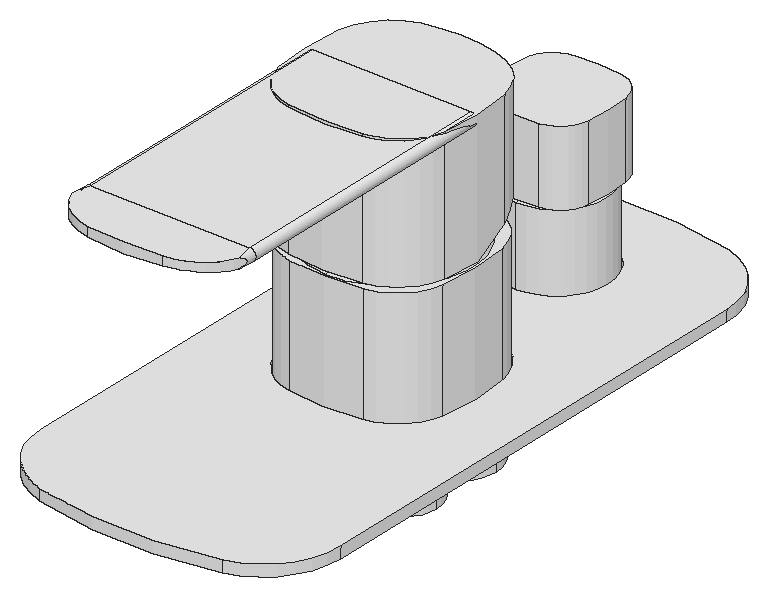
Revit family "Mixer-Bath Shower-Caroma Contura with Diverter1", category Plumbing Fixtures, host Face, Revit 2014
Parameters (values of type "Standard")
  Width_ANZRS = 72 mm  # constant formula
  Waste Connection = no
  WELSRating_ANZRS = ""
  Vent Connection = no
  URL = "http://specify.caroma.com.au"
  Type Comments = "Caroma Contura Bath/Shower Mixer with Diverter"  # constant formula
  ModifiedIssue_ANZRS = 20151016.01  # constant formula
  Model = "99586C"  # constant formula
  Material_ANZRS = Metal-Chrome-Caroma
  Manufacturer = "GWA Bathrooms & Kitchens"  # constant formula
  Length_ANZRS = 80 mm  # constant formula
  Height_ANZRS = 175 mm  # constant formula
  HWFU = 3
  HW Connection = yes
  Description = ""
  Default Elevation = 1000 mm
  CreatedBy_ANZRS = "Design Content"  # constant formula
  CreatedByURL_ANZRS = "http://www.designcontent.com.au"
  Cost = 0
  Connector Radius = 10 mm
  CWFU = 3
  CW Connection = yes
  Assembly Code = "C1030210"
Reference planes
  plane 1 "Center (Front/Back)": y = 0
  plane 2: z = 0
  plane 3 "Center (Left/Right)": x = 0
  plane 4 "Left": x = -40
  plane 5 "Right": x = 40
  plane 6 "Top": y = 85.003
  plane 7 "Bottom": y = -89.997
Forms (mm)
  Extrusion 1, solid, material "Metal-Chrome-Caroma" <- "Material_ANZRS"
    sketch origin (17.071, -2.929, 0) x (1, 0, 0) y (0, 1, 0)
      loop
        circle (-7.071, -7.071) r 10
    from -20 to 0
  Extrusion 2, solid, material "Metal-Chrome-Caroma" <- "Material_ANZRS"
    sketch origin (-17.071, -17.071, 0) x (-1, 0, 0) y (0, -1, 0)
      loop
        circle (-7.071, -7.071) r 10
    from -20 to 0
  Extrusion 3, solid, material "Metal-Chrome-Caroma" <- "Material_ANZRS"
    sketch origin (-17.071, 2.929, 0) x (-1, 0, 0) y (0, -1, 0)
      loop
        circle (-7.071, -7.071) r 10
    from -20 to 0
  Extrusion 4, solid, material "Metal-Chrome-Caroma" <- "Material_ANZRS"
    sketch origin (2.929, 2.929, 0) x (-1, 0, 0) y (0, -1, 0)
      loop
        circle (-7.071, -7.071) r 10
    from -20 to 0
  Revolve 5, solid, material "Metal-Chrome-Caroma" <- "Material_ANZRS"
    sketch origin (0, 0, 0) x (0, 1, 0) y (0, 0, 1)
      loop
        line (16.053, 45.11) -> (0, 45.11) -> (0, 34.03) -> (21.63, 34.03)
        arc (21.63, 34.03) -> (19.155, 39.728) -> (16.053, 45.11) r 54.999
      axis (0, 45.11) -> (0, 34.03)
    angle from 0 to 360
  Extrusion 6, solid, material "Metal-Chrome-Caroma" <- "Material_ANZRS"
    sketch origin (0, 0, 0) x (1, 0, 0) y (0, 1, 0)
      loop
        arc (-40, -66.916) -> (-35.625, -79.64) -> (-24.351, -86.984) r 20.693
        arc (-24.351, -86.984) -> (0, -89.997) -> (24.351, -86.984) r 99.908
        arc (24.351, -86.984) -> (35.625, -79.64) -> (40, -66.916) r 20.693
        line (40, -66.916) -> (40, 61.921)
        arc (40, 61.921) -> (35.625, 74.646) -> (24.351, 81.99) r 20.693
        arc (24.351, 81.99) -> (0, 85.003) -> (-24.351, 81.99) r 99.908
        arc (-24.351, 81.99) -> (-35.625, 74.646) -> (-40, 61.921) r 20.693
        line (-40, 61.921) -> (-40, -66.916)
      loop
        arc (-22.136, 9.962) -> (-23, 0) -> (-22.136, -9.962) r 57.891
        arc (-22.136, -9.962) -> (-17.939, -18.015) -> (-9.865, -22.171) r 15
        arc (-9.865, -22.171) -> (0, -23) -> (9.865, -22.171) r 59.077
        arc (9.865, -22.171) -> (17.939, -18.015) -> (22.136, -9.962) r 15
        arc (22.136, -9.962) -> (23, 0) -> (22.136, 9.962) r 57.891
        arc (22.136, 9.962) -> (17.939, 18.015) -> (9.865, 22.171) r 15
        arc (9.865, 22.171) -> (0, 23) -> (-9.865, 22.171) r 59.077
        arc (-9.865, 22.171) -> (-17.939, 18.015) -> (-22.136, 9.962) r 15
      loop
        circle (0, 55) r 13.962
    from 0 to 3
  Revolve 7, solid, material "Metal-Chrome-Caroma" <- "Material_ANZRS", detail levels fine
    sketch origin (0, 0, 0) x (0, 1, 0) y (0, 0, 1)
      loop
        line (23.752, 57.199) -> (22.871, 57.199) -> (22.871, 53.73) -> (24.656, 53.73)
        arc (24.656, 53.73) -> (24.426, 55.522) -> (23.752, 57.199) r 7.111
      axis (24.656, 53.73) -> (22.871, 53.73)
    angle from 0 to 360
  Extrusion 8, solid, material "Metal-Chrome-Caroma" <- "Material_ANZRS"
    sketch origin (0, 0, 0) x (1, 0, 0) y (0, 1, 0)
      loop
        arc (-21.644, 9.876) -> (-22.5, 0) -> (-21.644, -9.876) r 57.391
        arc (-21.644, -9.876) -> (-17.587, -17.661) -> (-9.781, -21.678) r 14.5
        arc (-9.781, -21.678) -> (0, -22.5) -> (9.781, -21.678) r 58.577
        arc (9.781, -21.678) -> (17.587, -17.661) -> (21.644, -9.876) r 14.5
        arc (21.644, -9.876) -> (22.5, 0) -> (21.644, 9.876) r 57.391
        arc (21.644, 9.876) -> (17.587, 17.661) -> (9.781, 21.678) r 14.5
        arc (9.781, 21.678) -> (0, 22.5) -> (-9.781, 21.678) r 58.577
        arc (-9.781, 21.678) -> (-17.587, 17.661) -> (-21.644, 9.876) r 14.5
    from 0 to 34.03
  Extrusion 9, solid, material "Metal-Chrome-Caroma" <- "Material_ANZRS"
    sketch origin (0, 0, 0) x (1, 0, 0) y (0, 1, 0)
      loop
        arc (-22.136, 9.962) -> (-23, 0) -> (-22.136, -9.962) r 57.891
        arc (-22.136, -9.962) -> (-17.939, -18.015) -> (-9.865, -22.171) r 15
        arc (-9.865, -22.171) -> (0, -23) -> (9.865, -22.171) r 59.077
        arc (9.865, -22.171) -> (17.939, -18.015) -> (22.136, -9.962) r 15
        arc (22.136, -9.962) -> (23, 0) -> (22.136, 9.962) r 57.891
        arc (22.136, 9.962) -> (17.939, 18.015) -> (9.865, 22.171) r 15
        arc (9.865, 22.171) -> (0, 23) -> (-9.865, 22.171) r 59.077
        arc (-9.865, 22.171) -> (-17.939, 18.015) -> (-22.136, 9.962) r 15
    from 35.73 to 71.728
  Extrusion 10, void
    sketch origin (0, 0, 0) x (0, 1, 0) y (0, 0, 1)
      loop
        line (-2.049, 34.775) -> (25.132, 34.775) -> (25.132, 47.448) -> (-2.049, 34.775)
    from -50 to 50
  Revolve 11, solid, material "Metal-Chrome-Caroma" <- "Material_ANZRS"
    sketch origin (0, 0, 0) x (0, 1, 0) y (0, 0, 1)
      loop
        line (55, 0) -> (68.5, 0) -> (68.5, 23.5) -> (66.5, 23.5) -> (66.5, 24.7) -> (55, 24.7) -> (55, 0)
      axis (55, 0) -> (55, 24.7)
    angle from 0 to 360
  Extrusion 12, solid, material "Metal-Chrome-Caroma" <- "Material_ANZRS"
    sketch origin (0, 0, 0) x (1, 0, 0) y (0, 1, 0)
      loop
        arc (-13.62, 61.105) -> (-13.962, 55) -> (-13.62, 48.895) r 54.734
        arc (-13.62, 48.895) -> (-11.178, 43.822) -> (-6.105, 41.38) r 8.519
        arc (-6.105, 41.38) -> (0, 41.038) -> (6.105, 41.38) r 54.734
        arc (6.105, 41.38) -> (11.178, 43.822) -> (13.62, 48.895) r 8.519
        arc (13.62, 48.895) -> (13.962, 55) -> (13.62, 61.105) r 54.734
        arc (13.62, 61.105) -> (11.178, 66.178) -> (6.105, 68.62) r 8.519
        arc (6.105, 68.62) -> (0, 68.962) -> (-6.105, 68.62) r 54.734
        arc (-6.105, 68.62) -> (-11.178, 66.178) -> (-13.62, 61.105) r 8.519
    from 24.7 to 44.7
  Sweep 13, solid, material "Metal-Chrome-Caroma" <- "Material_ANZRS"
    path origin (0, 0, 0) x (0, 1, 0) y (0, 0, 1)
      loop
        line (0, 64.73) -> (-74.001, 64.73)
        arc (-74.001, 64.73) -> (-84.022, 66.331) -> (-93.045, 70.976) r 32.157
    profile origin (0, -74.001, 64.73) x (0, 0, -1) y (1, 0, 0)
      loop
        arc (-2.892, -21.508) -> (0, 0) -> (-2.892, 21.508) r 81.419
        arc (-2.892, 21.508) -> (-4.697, 22.75) -> (-6.227, 21.182) r 1.7
        arc (-6.227, 21.182) -> (-6.998, 0) -> (-6.227, -21.182) r 291.282
        arc (-6.227, -21.182) -> (-4.697, -22.75) -> (-2.892, -21.508) r 1.7
  Extrusion 14, void
    sketch origin (0, 0, 0) x (1, 0, 0) y (0, 0, 1)
      loop
        arc (-26.43, 70.527) -> (0, 71.728) -> (26.43, 70.527) r 291.282
        line (26.43, 70.527) -> (26.43, 78.734) -> (-26.43, 78.734) -> (-26.43, 70.527)
    from 95.997 to -28.878
  Extrusion 15, void
    sketch origin (0, 0, 0) x (1, 0, 0) y (0, 1, 0)
      loop
        arc (-10.009, -88.858) -> (-19.272, -83.893) -> (-22.999, -74.065) r 14.99
        line (-22.999, -74.065) -> (-27.999, -74.065) -> (-27.999, -95.512) -> (27.999, -95.512) -> (27.999, -74.065) -> (22.999, -74.065)
        arc (22.999, -74.065) -> (19.272, -83.893) -> (10.009, -88.858) r 14.99
        arc (10.009, -88.858) -> (0, -89.529) -> (-10.009, -88.858) r 75.017
    from 50 to 80
Cuts and joins
  Extrusion 10, Extrusion 14 cuts Extrusion 9
  joined: Revolve 5, Extrusion 6, Extrusion 8, Extrusion 9
  Extrusion 14, Extrusion 15 cuts Sweep 13
  joined: Revolve 11, Extrusion 12
Lines and regions (mm)
  Masking region 1
    outline origin (0, 0, 0) x (1, 0, 0) y (0, 1, 0)
      loop
        arc (-40, -66.916) -> (-35.625, -79.64) -> (-24.351, -86.984) r 20.693
        arc (-24.351, -86.984) -> (0, -89.997) -> (24.351, -86.984) r 99.908
        arc (24.351, -86.984) -> (35.625, -79.64) -> (40, -66.916) r 20.693
        line (40, -66.916) -> (40, 61.921)
        arc (40, 61.921) -> (35.625, 74.646) -> (24.351, 81.99) r 20.693
        arc (24.351, 81.99) -> (0, 85.003) -> (-24.351, 81.99) r 99.908
        arc (-24.351, 81.99) -> (-35.625, 74.646) -> (-40, 61.921) r 20.693
        line (-40, 61.921) -> (-40, -66.916)
  Masking region 2
    outline origin (0, 0, 0) x (0, 1, 0) y (0, 0, 1)
      loop
        line (85.003, 0) -> (85.003, 3) -> (68.5, 3) -> (68.5, 23.5) -> (66.5, 23.5) -> (66.5, 24.7) -> (68.962, 24.7) -> (68.962, 44.7) -> (41.038, 44.7) -> (41.038, 24.7) -> (43.5, 24.7) -> (43.5, 23.5) -> (41.5, 23.5) -> (41.5, 3) -> (22.5, 3) -> (22.5, 34.03) -> (21.63, 34.03)
        arc (21.63, 34.03) -> (19.534, 38.948) -> (17.027, 43.669) r 62.531
        line (17.027, 43.669) -> (23, 46.454) -> (23, 70.728)
        arc (23, 70.728) -> (22.707, 71.436) -> (22, 71.728) r 1
        line (22, 71.728) -> (-88.531, 71.728)
        arc (-88.531, 71.728) -> (-89.238, 71.436) -> (-89.531, 70.728) r 1
        line (-89.531, 70.728) -> (-89.531, 69.328)
        arc (-89.531, 69.328) -> (-89.387, 68.813) -> (-88.999, 68.445) r 1
        arc (-88.999, 68.445) -> (-81.76, 65.673) -> (-74.067, 64.73) r 31.871
        line (-74.067, 64.73) -> (-28, 64.73)
        arc (-28, 64.73) -> (-24.464, 63.266) -> (-23, 59.73) r 5
        line (-23, 59.73) -> (-23, 35.73) -> (-20.961, 35.73)
        arc (-20.961, 35.73) -> (-21.302, 34.882) -> (-21.63, 34.03) r 62.531
        line (-21.63, 34.03) -> (-22.5, 34.03) -> (-22.5, 3) -> (-89.997, 3) -> (-89.997, 0) -> (85.003, 0)
  Masking region 3
    outline origin (0, 0, 0) x (1, 0, 0) y (0, 0, 1)
      loop
        line (-40, 0) -> (40, 0) -> (40, 3) -> (22.5, 3) -> (22.5, 34.03) -> (21.644, 34.03)
        arc (21.644, 34.03) -> (21.322, 34.886) -> (20.971, 35.73) r 26.93
        line (20.971, 35.73) -> (23, 35.73) -> (23, 69.894)
        arc (23, 69.894) -> (22.733, 70.573) -> (22.076, 70.891) r 1
        arc (22.076, 70.891) -> (0, 71.728) -> (-22.076, 70.891) r 291.282
        arc (-22.076, 70.891) -> (-22.733, 70.573) -> (-23, 69.894) r 1
        line (-23, 69.894) -> (-23, 35.73) -> (-20.971, 35.73)
        arc (-20.971, 35.73) -> (-21.322, 34.886) -> (-21.644, 34.03) r 26.93
        line (-21.644, 34.03) -> (-22.5, 34.03) -> (-22.5, 3) -> (-40, 3) -> (-40, 0)
  symbolic lines, style "Taps/Mixers"
    curve 1: arc (-6.105, 68.62, 0) -> (-11.178, 66.178, 0) -> (-13.62, 61.105, 0) r 8.519
    curve 2: arc (6.105, 68.62, 0) -> (0, 68.962, 0) -> (-6.105, 68.62, 0) r 54.734
    curve 3: arc (13.62, 61.105, 0) -> (11.178, 66.178, 0) -> (6.105, 68.62, 0) r 8.519
    curve 4: arc (13.62, 48.895, 0) -> (13.962, 55, 0) -> (13.62, 61.105, 0) r 54.734
    curve 5: arc (6.105, 41.38, 0) -> (11.178, 43.822, 0) -> (13.62, 48.895, 0) r 8.519
    curve 6: arc (-6.105, 41.38, 0) -> (0, 41.038, 0) -> (6.105, 41.38, 0) r 54.734
    curve 7: arc (-13.62, 48.895, 0) -> (-11.178, 43.822, 0) -> (-6.105, 41.38, 0) r 8.519
    curve 8: arc (-13.62, 61.105, 0) -> (-13.962, 55, 0) -> (-13.62, 48.895, 0) r 54.734
    curve 9: arc (9.865, 22.171, 0) -> (0, 23, 0) -> (-9.865, 22.171, 0) r 59.077
    curve 10: arc (-9.865, 22.171, 0) -> (-17.939, 18.015, 0) -> (-22.136, 9.962, 0) r 15
    curve 11: arc (-22.136, 9.962, 0) -> (-22.784, 5, 0) -> (-23, 0, 0) r 57.891
    curve 12: arc (23, 0, 0) -> (22.784, 5, 0) -> (22.136, 9.962, 0) r 57.891
    curve 13: arc (22.136, 9.962, 0) -> (17.939, 18.015, 0) -> (9.865, 22.171, 0) r 15
    curve 14: arc (9.999, -88.859, 0) -> (0, -89.529, 0) -> (-9.999, -88.859, 0) r 75.017
    curve 15: line (-23, 0, 0) -> (-23, -73.993, 0)
    curve 16: arc (-23, -73.993, 0) -> (-19.291, -83.868, 0) -> (-9.999, -88.859, 0) r 15
    curve 17: line (23, 0, 0) -> (23, -73.993, 0)
    curve 18: arc (23, -73.993, 0) -> (19.291, -83.868, 0) -> (9.999, -88.859, 0) r 15
    curve 19: line (0, -75.995, 68.334) -> (0, -0.995, 68.334)
    curve 20: arc (0, -88.858, 69.066) -> (0, -82.437, 68.517) -> (0, -75.995, 68.334) r 113.389
    curve 21: line (0, 23, 46.454) -> (0, 0, 35.73)
    curve 22: line (0, -23, 35.73) -> (0, 0, 35.73)
    curve 23: line (0, 22.5, 34.03) -> (0, -22.5, 34.03)
    curve 24: line (0, 68.5, 23.5) -> (0, 41.5, 23.5)
    curve 25: line (0, 41.038, 24.7) -> (0, 68.962, 24.7)
    curve 26: line (0, 85.003, 3) -> (0, -89.997, 3)
    curve 27: line (13.5, 0, 3) -> (13.5, 0, 23.5)
    curve 28: line (13.5, 0, 23.5) -> (11.5, 0, 23.5)
    curve 29: line (11.5, 0, 23.5) -> (11.5, 0, 24.7)
    curve 30: line (11.5, 0, 24.7) -> (13.962, 0, 24.7)
    curve 31: line (13.962, 0, 24.7) -> (13.962, 0, 44.7)
    curve 32: line (-13.5, 0, 3) -> (-13.5, 0, 23.5)
    curve 33: line (-13.5, 0, 23.5) -> (-11.5, 0, 23.5)
    curve 34: line (-11.5, 0, 23.5) -> (-11.5, 0, 24.7)
    curve 35: line (-11.5, 0, 24.7) -> (-13.962, 0, 24.7)
    curve 36: line (-13.962, 0, 24.7) -> (-13.962, 0, 44.7)
    curve 37: line (13.962, 0, 44.7) -> (-13.962, 0, 44.7)
    curve 38: line (11.5, 0, 24.7) -> (-11.5, 0, 24.7)
    curve 39: line (11.5, 0, 23.5) -> (-11.5, 0, 23.5)
    curve 40: line (21.63, 0, 34.03) -> (13.962, 0, 34.03)
    curve 41: line (-21.63, 0, 34.03) -> (-13.962, 0, 34.03)
    curve 42: spline (23, 0, 35.73) -> (22.994, 0, 36.119) -> (22.976, 0, 36.507) -> (22.946, 0, 36.896) -> (22.904, 0, 37.284) -> (22.85, 0, 37.672) -> (22.784, 0, 38.06) -> (22.706, 0, 38.447) -> (22.616, 0, 38.834) -> (22.514, 0, 39.22) -> (22.4, 0, 39.606) -> (22.274, 0, 39.991) -> (22.136, 0, 40.375)
    curve 43: spline (22.104, 0, 40.373) -> (21.823, 0, 41.046) -> (21.382, 0, 41.704) -> (20.785, 0, 42.339) -> (20.037, 0, 42.945) -> (19.147, 0, 43.515) -> (18.124, 0, 44.045) -> (16.979, 0, 44.527) -> (15.723, 0, 44.958) -> (14.37, 0, 45.332) -> (12.934, 0, 45.646) -> (11.429, 0, 45.896) -> (9.872, 0, 46.081)
    curve 44: spline (9.865, 0, 46.067) -> (8.235, 0, 46.185) -> (6.598, 0, 46.282) -> (4.954, 0, 46.357) -> (3.305, 0, 46.411) -> (1.653, 0, 46.443) -> (0, 0, 46.454) -> (-1.653, 0, 46.443) -> (-3.305, 0, 46.411) -> (-4.954, 0, 46.357) -> (-6.598, 0, 46.282) -> (-8.235, 0, 46.185) -> (-9.865, 0, 46.067)
    curve 45: spline (-9.872, 0, 46.081) -> (-11.429, 0, 45.896) -> (-12.934, 0, 45.646) -> (-14.37, 0, 45.332) -> (-15.723, 0, 44.958) -> (-16.979, 0, 44.527) -> (-18.124, 0, 44.045) -> (-19.147, 0, 43.515) -> (-20.037, 0, 42.945) -> (-20.785, 0, 42.339) -> (-21.382, 0, 41.704) -> (-21.823, 0, 41.046) -> (-22.104, 0, 40.373)
    curve 46: spline (-22.136, 0, 40.375) -> (-22.274, 0, 39.991) -> (-22.4, 0, 39.606) -> (-22.514, 0, 39.22) -> (-22.616, 0, 38.834) -> (-22.706, 0, 38.447) -> (-22.784, 0, 38.06) -> (-22.85, 0, 37.672) -> (-22.904, 0, 37.284) -> (-22.946, 0, 36.896) -> (-22.976, 0, 36.507) -> (-22.994, 0, 36.119) -> (-23, 0, 35.73)
    curve 47: spline (-20.916, 0, 35.727) -> (-20.704, 0, 36.253) -> (-20.421, 0, 36.774) -> (-20.067, 0, 37.287) -> (-19.643, 0, 37.79) -> (-19.15, 0, 38.282) -> (-18.592, 0, 38.761) -> (-17.968, 0, 39.226) -> (-17.282, 0, 39.674) -> (-16.536, 0, 40.106) -> (-15.732, 0, 40.518) -> (-14.873, 0, 40.91) -> (-13.962, 0, 41.28)
    curve 48: spline (20.916, 0, 35.727) -> (20.704, 0, 36.253) -> (20.421, 0, 36.774) -> (20.067, 0, 37.287) -> (19.643, 0, 37.79) -> (19.15, 0, 38.282) -> (18.592, 0, 38.761) -> (17.968, 0, 39.226) -> (17.282, 0, 39.674) -> (16.536, 0, 40.106) -> (15.732, 0, 40.518) -> (14.873, 0, 40.91) -> (13.962, 0, 41.28)
    curve 49: line (22.5, 0, 3) -> (-22.5, 0, 3)
Dimensions and locks
  aligned and locked: plane 2 to host face
  aligned and locked: level to host face
Connectors
  piping at (10, -10, -20), diameter 20, driven by "Connector Radius", driven by "CWFU"
    settings: on Extrusion 1, index 3, connector inside diameter 0.7874", connector length 0 mm, flow factor 0, pipe flow 0 GPM, pressure drop 0.00 psi, fitting loss kfactor 0, connector angle 0.00°, fixture units 3, engagement length 0 mm, angle of deflection 0.00°, flow configuration 3, flow direction 1, fitting loss method 101, system type 20, joint type 0, gender type 0, connector reference index -1, connector utility 0, adjustable connector no, is connector primary yes, connector description "Cold Inlet"
  piping at (-10, -10, -20), diameter 20, driven by "Connector Radius", driven by "HWFU"
    settings: on Extrusion 2, index 4, connector inside diameter 0.7874", connector length 0 mm, flow factor 0, pipe flow 0 GPM, pressure drop 0.00 psi, fitting loss kfactor 0, connector angle 0.00°, fixture units 3, engagement length 0 mm, angle of deflection 0.00°, flow configuration 3, flow direction 1, fitting loss method 101, system type 19, joint type 0, gender type 0, connector reference index -1, connector utility 0, adjustable connector no, is connector primary no, connector description "Hot Inlet"
  piping at (-10, 10, -20), diameter 20, driven by "HWFU", driven by "Connector Radius"
    settings: on Extrusion 3, index 5, connector inside diameter 0.7874", connector length 0 mm, flow factor 0, pipe flow 0 GPM, pressure drop 0.00 psi, fitting loss kfactor 0, connector angle 0.00°, fixture units 3, engagement length 0 mm, angle of deflection 0.00°, flow configuration 3, flow direction 2, fitting loss method 101, system type 19, joint type 0, gender type 0, connector reference index -1, connector utility 0, adjustable connector no, is connector primary no, connector description "Diverter Outlet"
  piping at (10, 10, -20), diameter 20, driven by "Connector Radius", driven by "HWFU"
    settings: on Extrusion 4, index 6, connector inside diameter 0.7874", connector length 0 mm, flow factor 0, pipe flow 0 GPM, pressure drop 0.00 psi, fitting loss kfactor 0, connector angle 0.00°, fixture units 3, engagement length 0 mm, angle of deflection 0.00°, flow configuration 3, flow direction 2, fitting loss method 101, system type 19, joint type 0, gender type 0, connector reference index -1, connector utility 0, adjustable connector no, is connector primary no, connector description "Bath Outlet"
